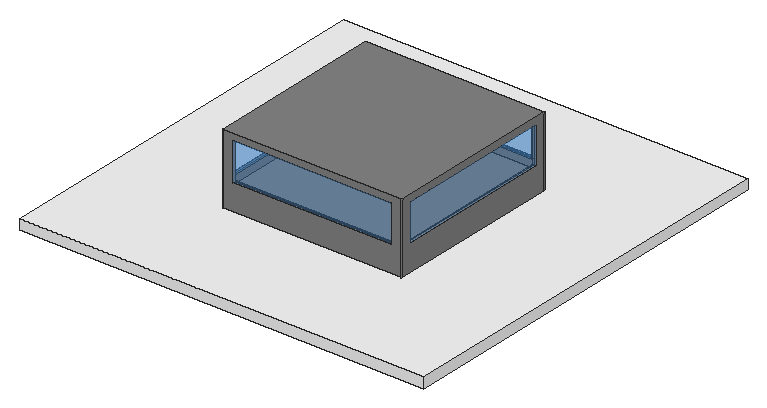
Revit family "BE_24086_de_DE", category Leuchten, Revit 2020
Family settings
  Basisbauteil = Fläche
  Bemaßung runder Anschluss = Durchmesser verwenden
  Teiletyp = Normal
  Beim Laden mit Abzugskörper schneiden = Ja
  Lichtquelle = Ja
  Gemeinsam genutzt = Nein
  Raumberechnungspunkt = Ja
Parameters (values of type "BEGA_24086_Grafit_K3")
  built-in parameter 1150104 = 13.555 (stored number, unit not read)
  Wattage = 17 W
  Default Elevation = 0 mm
  built-in parameter 1150113 = 1 (stored number, unit not read)
  built-in parameter 1114218 = 1 (stored number, unit not read)
  Umgebungstemperatur = "25 °C"
  URL = "https://www.bega.com/de/produkt/24086"
  Typenkommentare = "© 2022 BEGA. Wir behalten uns das Recht vor, technische Änderungen ohne vorherige Ankündigung vorzunehmen."  # constant formula
  Type Image = 24086.png
  built-in parameter 1150134 = (empty or 0)
  built-in parameter 1150109 = 1 (stored number, unit not read)
  Strom = ""
  built-in parameter 1150110 = 1 (stored number, unit not read)
  Spannung = 239.996 V
  Sonderanfertigung = no
  Seriennummer [instance] = "Hier können Sie die eindeutige Seriennummer für das Facility Management eintragen."
  Schutzklasse = "I"
  Schutzart = "IP 65"
  Scheinlast = 0 VA
  Produktdatenblatt = "https://cdn.bega.com/bega/products/24086WK4/current/documents/data-sheets/de"
  Oberflächentemperatur = ""
  Neigungswinkel = 0.00°
  Modell = "24086K3"
  Material_17 = BEGA_Reflektor
  Material_15 = BEGA_Leuchtmedium_matt
  Material_11 = BEGA_Glas_opal
  Material_10 = BEGA_Glas_matt
  Material_09 = BEGA_Glas_klar
  Material_06 = BEGA_Oberfläche_Edelstahl_gebürstet
  Material_03 = BEGA_Oberfläche_Weiss_matt
  Material_02 = BEGA_Oberfläche_Silber_matt
  Material_01 [instance] = BEGA_Oberfläche_Grafit_matt
  M_W = no
  M_G = yes
  M_A = no
  Logo = 0
  built-in parameter 1114217 = 1 (stored number, unit not read)
  built-in parameter 1150139 = (empty or 0)
  built-in parameter 1150105 = 197.38 (stored number, unit not read)
  built-in parameter 1150114 = 1 (stored number, unit not read)
  Lumens = 2480.3 lm
  built-in parameter 1150115 = 1 (stored number, unit not read)
  Leuchtenlichtstrom = "714 lm"
  Leuchtenanzahl = ""
  Lebensdauerkriterien = "L70B50 @ 25 °C = 200000 h"
  Lastklassifizierung = Beleuchtung
  built-in parameter 1150112 = 1 (stored number, unit not read)
  Lampenlichtstrom = "2480 lm"
  Lampe = "LED 17 W"
  LED_Modulbezeichnung = "LED-0886/830 + 3x LED-0887/830"
  built-in parameter 1150142 = (empty or 0)
  Hersteller = "BEGA"  # constant formula
  Halbstreuwinkel = ""
  Gewicht = "1.9 kg"
  Gebrauchslageneinschränkung [instance] = ""
  Frequenz = "0/50-60 Hz"
  Farbwiedergabeindex = "CRI > 80"
  Farbtemperaturverschiebung bei Dämpfen der Lampe = <Keine Auswahl>
  Farbtemperatur = "3000 K"
  Color Filter = 16777215
  built-in parameter 1150133 = 10 (stored number, unit not read)
  Energieeffizienzklasse = "LED A++ - A"
  built-in parameter 1150137 = (empty or 0)
  built-in parameter 1150132 = (empty or 0)
  ENEC = "ja"
  Dimmbar [instance] = "DALI"
  Datei für fotometrisches Netz = "BE_24086K3.IES"
  CE_Konformität = "ja"
  Bestellnummer = "24086K3"
  Beschreibung_Sonderanfertigung = "Hier können Sie Informationen zur Sonderanfertigung eintragen."
  Beschreibung = "Wandleuchte"
  built-in parameter 1150106 = 1.9738 (stored number, unit not read)
  Befestigungsbohrung = "Ø 4,5 mm"
  Befestigungsabstand = "86 x 86 mm"
  Ballwurfsicher = ""
  BEGA_Intern_aus = yes
  BEGA_Intern_an = yes
  BEGA_Intern_Konstruktion = yes
  BEGA_Intern = yes
  BEGA_IES = yes
  BEGA_Dummy = no
  Anschlussleitung = ""
  Anschlussleistung [instance] = "19.5 W"
  built-in parameter 1150107 = 3000 (stored number, unit not read)
  built-in parameter 1150102 = (empty or 0)
  built-in parameter 1150138 = (empty or 0)
  Aktualisierung = "2022-05-18T04:00:07"
  Abstand_zur_angestrahlten_Fläche [instance] = ""
  AC/DC = "AC/DC"
Types (6, lengths in mm): name | built-in parameter 1150104 | built-in parameter 1150134 | Modell | M_W | M_G | M_A | built-in parameter 1150105 | Lumens | Leuchtenlichtstrom | Lampenlichtstrom | LED_Modulbezeichnung | Farbtemperatur | Datei für fotometrisches Netz | Bestellnummer | built-in parameter 1150106 | built-in parameter 1150107
  BEGA_24086_Weiß_K4 | 14.4 (stored number, unit not read) | 12 | "24086WK4" | yes | no | no | 209.69 (stored number, unit not read) | 2635 lm | "759 lm" | "2635 lm" | "LED-0886/840 + 3x LED-0887/840" | "4000 K" | "BE_24086K4.IES" | "24086WK4" | 2.0969 (stored number, unit not read) | 4000 (stored number, unit not read)
  BEGA_24086_Weiß_K3 | 13.555 (stored number, unit not read) | (empty or 0) | "24086WK3" | yes | no | no | 197.38 (stored number, unit not read) | 2480.3 lm | "714 lm" | "2480 lm" | "LED-0886/830 + 3x LED-0887/830" | "3000 K" | "BE_24086K3.IES" | "24086WK3" | 1.9738 (stored number, unit not read) | 3000 (stored number, unit not read)
  BEGA_24086_Grafit_K4 | 14.4 (stored number, unit not read) | 12 | "24086K4" | no | yes | no | 209.69 (stored number, unit not read) | 2635 lm | "759 lm" | "2635 lm" | "LED-0886/840 + 3x LED-0887/840" | "4000 K" | "BE_24086K4.IES" | "24086K4" | 2.0969 (stored number, unit not read) | 4000 (stored number, unit not read)
  BEGA_24086_Silber_K4 | 14.4 (stored number, unit not read) | 12 | "24086AK4" | no | no | yes | 209.69 (stored number, unit not read) | 2635 lm | "759 lm" | "2635 lm" | "LED-0886/840 + 3x LED-0887/840" | "4000 K" | "BE_24086K4.IES" | "24086AK4" | 2.0969 (stored number, unit not read) | 4000 (stored number, unit not read)
  BEGA_24086_Silber_K3 | 13.555 (stored number, unit not read) | (empty or 0) | "24086AK3" | no | no | yes | 197.38 (stored number, unit not read) | 2480.3 lm | "714 lm" | "2480 lm" | "LED-0886/830 + 3x LED-0887/830" | "3000 K" | "BE_24086K3.IES" | "24086AK3" | 1.9738 (stored number, unit not read) | 3000 (stored number, unit not read)
  BEGA_24086_Grafit_K3 | 13.555 (stored number, unit not read) | (empty or 0) | "24086K3" | no | yes | no | 197.38 (stored number, unit not read) | 2480.3 lm | "714 lm" | "2480 lm" | "LED-0886/830 + 3x LED-0887/830" | "3000 K" | "BE_24086K3.IES" | "24086K3" | 1.9738 (stored number, unit not read) | 3000 (stored number, unit not read)
Reference planes
  plane 1 "Mitte (Vorne/Hinten)": y = 0
  plane 2: z = 0
  plane 3 "Mitte (Links/Rechts)": x = 0
  plane 4 "Links": x = -88.5
  plane 5 "Rechts": x = 88.5
  plane 6 "Unten": y = -88.5
  plane 7 "Oben": y = 88.5
  plane 8 "Vorne": z = 69.195
  plane 9 "Hinten": z = 0
Forms (mm)
  Extrusion 1, solid, material "BEGA_Platte_Weiss"
    sketch origin (0, -1119.2, 0) x (1, 0, 0) y (0, 1, 0)
      loop
        line (-200, 1319.2) -> (-200, 919.2) -> (200, 919.2) -> (200, 1319.2) -> (-200, 1319.2)
    from 0 to -10
  Extrusion 2, solid, material "BEGA_Dummy_matt", visible <- "BEGA_Dummy"
    sketch origin (80.095, -76.023, 0) x (1, 0, 0) y (0, 1, 0)
      loop
        line (-168.595, 164.523) -> (-168.595, -12.477) -> (8.405, -12.477) -> (8.405, 164.523) -> (-168.595, 164.523)
    from 0 to 69.195
Dimensions and locks
  plane 1 "Mitte (Vorne/Hinten)" to Extrusion 1 = 200 mm
  aligned and locked: plane 2 to Extrusion 1
  aligned and locked: level to Extrusion 1
Nested families
  nested 1: "BE_24086" at (0, 0, 0), type "BE_24086"
Connectors
  electrical at (0, 0, 0), driven by "Lastklassifizierung", driven by "Spannung", driven by "Scheinlast"
    settings: index 1, voltage 239.996 V, apparent load 0 VA, apparent load phase1 0 VA, apparent load phase2 0 VA, apparent load phase3 0 VA, power factor 1, load classification "Beleuchtung", number of poles 1, system type 31, power factor state 1, is connector primary yes, connector utility no, sub classification motor no, connector description ""
Definition of nested family "BE_24086"
  Parameters (values of type "BE_24086")
    Default Elevation = 1 mm
    URL = "http://www.bega.de/de/produkt"
    Type Comments = "© 2015 BEGA. Wir behalten uns das Recht vor, technische Änderungen ohne vorherige Ankündigung vorzunehmen. "  # constant formula
    Type Image = (empty or 0)
    Neigungswinkel_um_Z2 = 0.00°
    Neigungswinkel_um_Z1 = 0.00°
    Neigungswinkel_um_Y2 = 0.00°
    Neigungswinkel_um_Y1 = 0.00°
    Neigungswinkel_um_X2 = 0.00°
    Neigungswinkel_um_X1 = 0.00°
    Material_17 = none
    Material_15 = none
    Material_11 = none
    Material_10 = none
    Material_09 = none
    Material_06 = none
    Material_03 = none
    Material_02 = none
    Material_01 = none
    M_W = yes
    M_G = yes
    M_A = yes
    Länge_Platte = 200 mm  # constant formula
    Höhe_Platte = -10 mm  # constant formula
    Manufacturer = "BEGA"  # constant formula
    Drehwinkel_um_Z2 = 0.00°
    Drehwinkel_um_Z1 = 0.00°
    Breite_Platte = 200 mm  # constant formula
  Reference planes
    plane 1 "Mitte (Oben/Unten)": y = 0
    plane 2: z = 0
    plane 3 "Mitte (Links/Rechts)": x = 0
    plane 4 "Vorne": z = 69.195
    plane 5 "Hinten": z = 0
    plane 6 "Links": x = -88.5
    plane 7 "Rechts": x = 88.5
    plane 8 "Oben": y = 88.5
    plane 9 "Unten": y = -88.5
  Forms (mm)
    Extrusion 1, solid, detail levels medium
      sketch origin (0, 0, 0) x (1, 0, 0) y (0, 1, 0)
        loop
          line (-100, 100) -> (-100, -100) -> (100, -100) -> (100, 100) -> (-100, 100)
      from 0 to -10 <- "Höhe_Platte"
    Extrusion 2, solid, material <- "Material_01", visible <- "M_G"
      sketch origin (0, 0, 0) x (1, 0, 0) y (0, 1, 0)
        loop
          arc (-87.5, 88.5) -> (-88.207, 88.207) -> (-88.5, 87.5) r 1
          line (-88.5, 87.5) -> (-88.5, -87.5)
          arc (-88.5, -87.5) -> (-88.207, -88.207) -> (-87.5, -88.5) r 1
          line (-87.5, -88.5) -> (87.5, -88.5)
          arc (87.5, -88.5) -> (88.207, -88.207) -> (88.5, -87.5) r 1
          line (88.5, -87.5) -> (88.5, 87.5)
          arc (88.5, 87.5) -> (88.207, 88.207) -> (87.5, 88.5) r 1
          line (87.5, 88.5) -> (-87.5, 88.5)
        loop
          line (-86.109, 86.109) -> (-86.109, -86.109) -> (86.109, -86.109) -> (86.109, 86.109) -> (-86.109, 86.109)
      from 0 to 69.195
    Extrusion 3, void
      sketch origin (0, 0, 0) x (0, 1, 0) y (0, 0, 1)
        loop
          line (-84.297, 63.248) -> (-88.996, 63.248) -> (-88.996, 25.444) -> (-84.235, 25.444) -> (-84.297, 63.248)
      from -78.703 to 78.703
    Extrusion 4, solid, material <- "Material_01", visible <- "M_G"
      sketch origin (0, 0, 0) x (1, 0, 0) y (0, 1, 0)
        loop
          line (-87.5, -88.5) -> (87.5, -88.5)
          arc (87.5, -88.5) -> (88.207, -88.207) -> (88.5, -87.5) r 1
          line (88.5, -87.5) -> (88.5, 87.5)
          arc (88.5, 87.5) -> (88.207, 88.207) -> (87.5, 88.5) r 1
          line (87.5, 88.5) -> (-87.5, 88.5)
          arc (-87.5, 88.5) -> (-88.207, 88.207) -> (-88.5, 87.5) r 1
          line (-88.5, 87.5) -> (-88.5, -87.5)
          arc (-88.5, -87.5) -> (-88.207, -88.207) -> (-87.5, -88.5) r 1
      from 66.335 to 69.195
    Extrusion 5, void
      sketch origin (0, 0, 0) x (1, 0, 0) y (0, 0, -1)
        loop
          line (-84.297, -63.248) -> (-84.235, -25.444) -> (-88.996, -25.444) -> (-88.996, -63.248) -> (-84.297, -63.248)
      from -78.703 to 78.703
    Extrusion 6, void
      sketch origin (0, 0, 0) x (0, -1, 0) y (0, 0, -1)
        loop
          line (-84.297, -63.248) -> (-84.235, -25.444) -> (-88.996, -25.444) -> (-88.996, -63.248) -> (-84.297, -63.248)
      from -78.703 to 78.703
    Extrusion 7, void
      sketch origin (0, 0, 0) x (-1, 0, 0) y (0, 0, 1)
        loop
          line (-84.297, 63.248) -> (-88.996, 63.248) -> (-88.996, 25.444) -> (-84.235, 25.444) -> (-84.297, 63.248)
      from -78.703 to 78.703
    Extrusion 8, solid, material <- "Material_10"
      sketch origin (0, 0, 0) x (-1, 0, 0) y (0, 0, 1)
        loop
          line (-84.394, 63.255) -> (-88.404, 63.249) -> (-88.341, 25.444) -> (-84.331, 25.451) -> (-84.394, 63.255)
      from -78.703 to 78.703
    Extrusion 9, solid, material <- "Material_10"
      sketch origin (0, 0, 0) x (0, -1, 0) y (0, 0, -1)
        loop
          line (-84.394, -63.255) -> (-84.331, -25.451) -> (-88.341, -25.444) -> (-88.404, -63.249) -> (-84.394, -63.255)
      from -78.703 to 78.703
    Extrusion 10, solid, material <- "Material_10"
      sketch origin (0, 0, 0) x (1, 0, 0) y (0, 0, -1)
        loop
          line (-84.394, -63.255) -> (-84.331, -25.451) -> (-88.341, -25.444) -> (-88.404, -63.249) -> (-84.394, -63.255)
      from -78.703 to 78.703
    Extrusion 11, solid, material <- "Material_10"
      sketch origin (0, 0, 0) x (0, 1, 0) y (0, 0, 1)
        loop
          line (-84.394, 63.255) -> (-88.404, 63.249) -> (-88.341, 25.444) -> (-84.331, 25.451) -> (-84.394, 63.255)
      from -78.703 to 78.703
    Revolve 12, solid, material <- "Material_01", visible <- "M_G"
      sketch origin (0, 0, 0) x (0, 1, 0) y (0, 0, 1)
        loop
          line (-48.009, 11.916) -> (0, 11.995) -> (0, 14.695) -> (-55.513, 14.603) -> (-55.324, 10.381) -> (-51.019, 2.954) -> (-50.905, 0) -> (-48.405, 0) -> (-48.009, 11.916)
        axis (0, 0) -> (0, 14.695)
      angle from 0 to 360
    Extrusion 13, solid, material <- "Material_01", visible <- "M_G"
      sketch origin (0, 0, 0) x (1, 0, 0) y (0, 1, 0)
        loop
          line (86.109, 86.109) -> (-86.109, 86.109) -> (-86.109, -86.109) -> (86.109, -86.109) -> (86.109, 86.109)
      from 11.916 to 17.229
    Extrusion 14, void
      sketch origin (0, 0, 0) x (1, 0, 0) y (0, 1, 0)
        loop
          circle (-28, 15) r 10.5
        loop
          circle (-28, -15) r 10.5
      from 0 to 25.444
    Extrusion 15, solid, material <- "Material_02", visible <- "M_A"
      sketch origin (0, 0, 0) x (1, 0, 0) y (0, 1, 0)
        loop
          arc (-87.5, 88.5) -> (-88.207, 88.207) -> (-88.5, 87.5) r 1
          line (-88.5, 87.5) -> (-88.5, -87.5)
          arc (-88.5, -87.5) -> (-88.207, -88.207) -> (-87.5, -88.5) r 1
          line (-87.5, -88.5) -> (87.5, -88.5)
          arc (87.5, -88.5) -> (88.207, -88.207) -> (88.5, -87.5) r 1
          line (88.5, -87.5) -> (88.5, 87.5)
          arc (88.5, 87.5) -> (88.207, 88.207) -> (87.5, 88.5) r 1
          line (87.5, 88.5) -> (-87.5, 88.5)
        loop
          line (-86.109, 86.109) -> (-86.109, -86.109) -> (86.109, -86.109) -> (86.109, 86.109) -> (-86.109, 86.109)
      from 0 to 69.195
    Extrusion 16, solid, material <- "Material_02", visible <- "M_A"
      sketch origin (0, 0, 0) x (1, 0, 0) y (0, 1, 0)
        loop
          line (-87.5, -88.5) -> (87.5, -88.5)
          arc (87.5, -88.5) -> (88.207, -88.207) -> (88.5, -87.5) r 1
          line (88.5, -87.5) -> (88.5, 87.5)
          arc (88.5, 87.5) -> (88.207, 88.207) -> (87.5, 88.5) r 1
          line (87.5, 88.5) -> (-87.5, 88.5)
          arc (-87.5, 88.5) -> (-88.207, 88.207) -> (-88.5, 87.5) r 1
          line (-88.5, 87.5) -> (-88.5, -87.5)
          arc (-88.5, -87.5) -> (-88.207, -88.207) -> (-87.5, -88.5) r 1
      from 66.335 to 69.195
    Extrusion 17, solid, material <- "Material_03", visible <- "M_W"
      sketch origin (0, 0, 0) x (1, 0, 0) y (0, 1, 0)
        loop
          arc (-87.5, 88.5) -> (-88.207, 88.207) -> (-88.5, 87.5) r 1
          line (-88.5, 87.5) -> (-88.5, -87.5)
          arc (-88.5, -87.5) -> (-88.207, -88.207) -> (-87.5, -88.5) r 1
          line (-87.5, -88.5) -> (87.5, -88.5)
          arc (87.5, -88.5) -> (88.207, -88.207) -> (88.5, -87.5) r 1
          line (88.5, -87.5) -> (88.5, 87.5)
          arc (88.5, 87.5) -> (88.207, 88.207) -> (87.5, 88.5) r 1
          line (87.5, 88.5) -> (-87.5, 88.5)
        loop
          line (-86.109, 86.109) -> (-86.109, -86.109) -> (86.109, -86.109) -> (86.109, 86.109) -> (-86.109, 86.109)
      from 0 to 69.195
    Extrusion 18, solid, material <- "Material_03", visible <- "M_W"
      sketch origin (0, 0, 0) x (1, 0, 0) y (0, 1, 0)
        loop
          line (-87.5, -88.5) -> (87.5, -88.5)
          arc (87.5, -88.5) -> (88.207, -88.207) -> (88.5, -87.5) r 1
          line (88.5, -87.5) -> (88.5, 87.5)
          arc (88.5, 87.5) -> (88.207, 88.207) -> (87.5, 88.5) r 1
          line (87.5, 88.5) -> (-87.5, 88.5)
          arc (-87.5, 88.5) -> (-88.207, 88.207) -> (-88.5, 87.5) r 1
          line (-88.5, 87.5) -> (-88.5, -87.5)
          arc (-88.5, -87.5) -> (-88.207, -88.207) -> (-87.5, -88.5) r 1
      from 66.335 to 69.195
    Revolve 19, solid, material <- "Material_02", visible <- "M_A"
      sketch origin (0, 0, 0) x (0, 1, 0) y (0, 0, 1)
        loop
          line (-48.009, 11.916) -> (0, 11.995) -> (0, 14.695) -> (-55.513, 14.603) -> (-55.324, 10.381) -> (-51.019, 2.954) -> (-50.905, 0) -> (-48.405, 0) -> (-48.009, 11.916)
        axis (0, 0) -> (0, 14.695)
      angle from 0 to 360
    Extrusion 20, solid, material <- "Material_02", visible <- "M_A"
      sketch origin (0, 0, 0) x (1, 0, 0) y (0, 1, 0)
        loop
          line (86.109, 86.109) -> (-86.109, 86.109) -> (-86.109, -86.109) -> (86.109, -86.109) -> (86.109, 86.109)
      from 11.916 to 17.229
    Revolve 21, solid, material <- "Material_03", visible <- "M_W"
      sketch origin (0, 0, 0) x (0, 1, 0) y (0, 0, 1)
        loop
          line (-48.009, 11.916) -> (0, 11.995) -> (0, 14.695) -> (-55.513, 14.603) -> (-55.324, 10.381) -> (-51.019, 2.954) -> (-50.905, 0) -> (-48.405, 0) -> (-48.009, 11.916)
        axis (0, 0) -> (0, 14.695)
      angle from 0 to 360
    Extrusion 22, solid, material <- "Material_03", visible <- "M_W"
      sketch origin (0, 0, 0) x (1, 0, 0) y (0, 1, 0)
        loop
          line (86.109, 86.109) -> (-86.109, 86.109) -> (-86.109, -86.109) -> (86.109, -86.109) -> (86.109, 86.109)
      from 11.916 to 17.229
    Extrusion 23, solid, material <- "Material_01", visible <- "M_G"
      sketch origin (0, 0, 0) x (1, 0, 0) y (0, 1, 0)
        loop
          line (-50.85, 42.239) -> (-41.482, 28.859)
          arc (-41.482, 28.859) -> (-35.623, 35.658) -> (-28.702, 41.371) r 52.999
          line (-28.702, 41.371) -> (-42.239, 50.85)
          arc (-42.239, 50.85) -> (-46.743, 46.743) -> (-50.85, 42.239) r 66.105
        loop
          arc (-46.349, 43.038) -> (-46.223, 39.862) -> (-43.047, 39.982) r 2.25
          arc (-43.047, 39.982) -> (-41.543, 41.543) -> (-39.982, 43.047) r 58.75
          arc (-39.982, 43.047) -> (-39.862, 46.223) -> (-43.039, 46.349) r 2.25
          arc (-43.039, 46.349) -> (-44.725, 44.724) -> (-46.349, 43.038) r 63.25
        loop
          arc (50.85, 42.239) -> (46.743, 46.743) -> (42.239, 50.85) r 66.105
          line (42.239, 50.85) -> (28.515, 41.241)
          arc (28.515, 41.241) -> (35.402, 35.387) -> (41.195, 28.449) r 52.999
          line (41.195, 28.449) -> (50.85, 42.239)
        loop
          arc (46.349, 43.038) -> (44.725, 44.724) -> (43.039, 46.349) r 63.25
          arc (43.039, 46.349) -> (39.862, 46.223) -> (39.982, 43.047) r 2.25
          arc (39.982, 43.047) -> (41.543, 41.543) -> (43.047, 39.982) r 58.75
          arc (43.047, 39.982) -> (46.223, 39.862) -> (46.349, 43.038) r 2.25
        loop
          arc (-50.85, -42.239) -> (-46.743, -46.743) -> (-42.239, -50.85) r 66.105
          line (-42.239, -50.85) -> (-28.224, -41.037)
          arc (-28.224, -41.037) -> (-35.218, -35.245) -> (-41.121, -28.344) r 52.999
          line (-41.121, -28.344) -> (-50.85, -42.239)
        loop
          arc (-46.349, -43.038) -> (-44.725, -44.724) -> (-43.039, -46.349) r 63.25
          arc (-43.039, -46.349) -> (-39.862, -46.223) -> (-39.982, -43.047) r 2.25
          arc (-39.982, -43.047) -> (-41.543, -41.543) -> (-43.047, -39.982) r 58.75
          arc (-43.047, -39.982) -> (-46.223, -39.862) -> (-46.349, -43.038) r 2.25
        loop
          line (50.85, -42.239) -> (41.214, -28.477)
          arc (41.214, -28.477) -> (35.373, -35.38) -> (28.443, -41.19) r 52.999
          line (28.443, -41.19) -> (42.239, -50.85)
          arc (42.239, -50.85) -> (46.743, -46.743) -> (50.85, -42.239) r 66.105
        loop
          arc (46.349, -43.038) -> (46.223, -39.862) -> (43.047, -39.982) r 2.25
          arc (43.047, -39.982) -> (41.543, -41.543) -> (39.982, -43.047) r 58.75
          arc (39.982, -43.047) -> (39.862, -46.223) -> (43.039, -46.349) r 2.25
          arc (43.039, -46.349) -> (44.725, -44.724) -> (46.349, -43.038) r 63.25
      from 0 to 2.954
    Extrusion 24, solid, material <- "Material_03", visible <- "M_W"
      sketch origin (0, 0, 0) x (1, 0, 0) y (0, 1, 0)
        loop
          line (-50.85, 42.239) -> (-41.482, 28.859)
          arc (-41.482, 28.859) -> (-35.623, 35.658) -> (-28.702, 41.371) r 52.999
          line (-28.702, 41.371) -> (-42.239, 50.85)
          arc (-42.239, 50.85) -> (-46.743, 46.743) -> (-50.85, 42.239) r 66.105
        loop
          arc (-46.349, 43.038) -> (-46.223, 39.862) -> (-43.047, 39.982) r 2.25
          arc (-43.047, 39.982) -> (-41.543, 41.543) -> (-39.982, 43.047) r 58.75
          arc (-39.982, 43.047) -> (-39.862, 46.223) -> (-43.039, 46.349) r 2.25
          arc (-43.039, 46.349) -> (-44.725, 44.724) -> (-46.349, 43.038) r 63.25
        loop
          arc (50.85, 42.239) -> (46.743, 46.743) -> (42.239, 50.85) r 66.105
          line (42.239, 50.85) -> (28.515, 41.241)
          arc (28.515, 41.241) -> (35.402, 35.387) -> (41.195, 28.449) r 52.999
          line (41.195, 28.449) -> (50.85, 42.239)
        loop
          arc (46.349, 43.038) -> (44.725, 44.724) -> (43.039, 46.349) r 63.25
          arc (43.039, 46.349) -> (39.862, 46.223) -> (39.982, 43.047) r 2.25
          arc (39.982, 43.047) -> (41.543, 41.543) -> (43.047, 39.982) r 58.75
          arc (43.047, 39.982) -> (46.223, 39.862) -> (46.349, 43.038) r 2.25
        loop
          arc (-50.85, -42.239) -> (-46.743, -46.743) -> (-42.239, -50.85) r 66.105
          line (-42.239, -50.85) -> (-28.224, -41.037)
          arc (-28.224, -41.037) -> (-35.218, -35.245) -> (-41.121, -28.344) r 52.999
          line (-41.121, -28.344) -> (-50.85, -42.239)
        loop
          arc (-46.349, -43.038) -> (-44.725, -44.724) -> (-43.039, -46.349) r 63.25
          arc (-43.039, -46.349) -> (-39.862, -46.223) -> (-39.982, -43.047) r 2.25
          arc (-39.982, -43.047) -> (-41.543, -41.543) -> (-43.047, -39.982) r 58.75
          arc (-43.047, -39.982) -> (-46.223, -39.862) -> (-46.349, -43.038) r 2.25
        loop
          line (50.85, -42.239) -> (41.214, -28.477)
          arc (41.214, -28.477) -> (35.373, -35.38) -> (28.443, -41.19) r 52.999
          line (28.443, -41.19) -> (42.239, -50.85)
          arc (42.239, -50.85) -> (46.743, -46.743) -> (50.85, -42.239) r 66.105
        loop
          arc (46.349, -43.038) -> (46.223, -39.862) -> (43.047, -39.982) r 2.25
          arc (43.047, -39.982) -> (41.543, -41.543) -> (39.982, -43.047) r 58.75
          arc (39.982, -43.047) -> (39.862, -46.223) -> (43.039, -46.349) r 2.25
          arc (43.039, -46.349) -> (44.725, -44.724) -> (46.349, -43.038) r 63.25
      from 0 to 2.954
    Extrusion 25, solid, material <- "Material_02", visible <- "M_A"
      sketch origin (0, 0, 0) x (1, 0, 0) y (0, 1, 0)
        loop
          line (-50.85, 42.239) -> (-41.482, 28.859)
          arc (-41.482, 28.859) -> (-35.623, 35.658) -> (-28.702, 41.371) r 52.999
          line (-28.702, 41.371) -> (-42.239, 50.85)
          arc (-42.239, 50.85) -> (-46.743, 46.743) -> (-50.85, 42.239) r 66.105
        loop
          arc (-46.349, 43.038) -> (-46.223, 39.862) -> (-43.047, 39.982) r 2.25
          arc (-43.047, 39.982) -> (-41.543, 41.543) -> (-39.982, 43.047) r 58.75
          arc (-39.982, 43.047) -> (-39.862, 46.223) -> (-43.039, 46.349) r 2.25
          arc (-43.039, 46.349) -> (-44.725, 44.724) -> (-46.349, 43.038) r 63.25
        loop
          arc (50.85, 42.239) -> (46.743, 46.743) -> (42.239, 50.85) r 66.105
          line (42.239, 50.85) -> (28.515, 41.241)
          arc (28.515, 41.241) -> (35.402, 35.387) -> (41.195, 28.449) r 52.999
          line (41.195, 28.449) -> (50.85, 42.239)
        loop
          arc (46.349, 43.038) -> (44.725, 44.724) -> (43.039, 46.349) r 63.25
          arc (43.039, 46.349) -> (39.862, 46.223) -> (39.982, 43.047) r 2.25
          arc (39.982, 43.047) -> (41.543, 41.543) -> (43.047, 39.982) r 58.75
          arc (43.047, 39.982) -> (46.223, 39.862) -> (46.349, 43.038) r 2.25
        loop
          arc (-50.85, -42.239) -> (-46.743, -46.743) -> (-42.239, -50.85) r 66.105
          line (-42.239, -50.85) -> (-28.224, -41.037)
          arc (-28.224, -41.037) -> (-35.218, -35.245) -> (-41.121, -28.344) r 52.999
          line (-41.121, -28.344) -> (-50.85, -42.239)
        loop
          arc (-46.349, -43.038) -> (-44.725, -44.724) -> (-43.039, -46.349) r 63.25
          arc (-43.039, -46.349) -> (-39.862, -46.223) -> (-39.982, -43.047) r 2.25
          arc (-39.982, -43.047) -> (-41.543, -41.543) -> (-43.047, -39.982) r 58.75
          arc (-43.047, -39.982) -> (-46.223, -39.862) -> (-46.349, -43.038) r 2.25
        loop
          line (50.85, -42.239) -> (41.214, -28.477)
          arc (41.214, -28.477) -> (35.373, -35.38) -> (28.443, -41.19) r 52.999
          line (28.443, -41.19) -> (42.239, -50.85)
          arc (42.239, -50.85) -> (46.743, -46.743) -> (50.85, -42.239) r 66.105
        loop
          arc (46.349, -43.038) -> (46.223, -39.862) -> (43.047, -39.982) r 2.25
          arc (43.047, -39.982) -> (41.543, -41.543) -> (39.982, -43.047) r 58.75
          arc (39.982, -43.047) -> (39.862, -46.223) -> (43.039, -46.349) r 2.25
          arc (43.039, -46.349) -> (44.725, -44.724) -> (46.349, -43.038) r 63.25
      from 0 to 2.954
  Cuts and joins
    Extrusion 3, Extrusion 5, Extrusion 6, Extrusion 7, Extrusion 14 cuts Extrusion 2
    Extrusion 5, Extrusion 6, Extrusion 7, Extrusion 14 cuts Extrusion 4
    joined: Extrusion 2, Extrusion 4
    Extrusion 14 cuts Revolve 12
    Extrusion 14 cuts Extrusion 13
    joined: Revolve 12, Extrusion 13, Extrusion 23
    Extrusion 3, Extrusion 5, Extrusion 6, Extrusion 7 cuts Extrusion 15
    joined: Extrusion 15, Extrusion 16
    Extrusion 3, Extrusion 5, Extrusion 6, Extrusion 7 cuts Extrusion 17
    Extrusion 5 cuts Extrusion 18
    joined: Extrusion 17, Extrusion 18
    Extrusion 14 cuts Revolve 19
    Extrusion 14 cuts Extrusion 20
    joined: Revolve 19, Extrusion 20, Extrusion 25
    Extrusion 14 cuts Revolve 21
    Extrusion 14 cuts Extrusion 22
    joined: Revolve 21, Extrusion 22, Extrusion 24
  Dimensions and locks
    equal spacing: Extrusion 1 sketch curve, plane 3 "Mitte (Links/Rechts)", Extrusion 1 sketch curve
    equal spacing: Extrusion 1 sketch curve, plane 1 "Mitte (Oben/Unten)", Extrusion 1 sketch curve
    "Länge_Platte": Extrusion 1 sketch curve to Extrusion 1 sketch curve
    "Breite_Platte": Extrusion 1 sketch curve to Extrusion 1 sketch curve
    aligned and locked: Extrusion 1 to plane 2
    aligned and locked: level to Extrusion 1
  Automatic sketch dimensions
    Extrusion 2 sketch curve to plane 3 "Mitte (Links/Rechts)" = 88.5 mm
    Extrusion 2 sketch curve to Extrusion 2 sketch curve = 1 mm  (x3)
    Extrusion 2 sketch curve to Extrusion 2 sketch curve = 1.391 mm  (x5)
    plane 3 "Mitte (Links/Rechts)" to Extrusion 2 sketch curve = 86.109 mm
    plane 1 "Mitte (Oben/Unten)" to Extrusion 2 sketch curve = 88.5 mm
    Extrusion 2 sketch curve to plane 1 "Mitte (Oben/Unten)" = 86.109 mm
    level to Extrusion 3 sketch curve = 25.444 mm
    plane 1 "Mitte (Oben/Unten)" to Extrusion 3 sketch curve = 88.996 mm
    Extrusion 3 sketch curve to Extrusion 3 sketch curve = 4.699 mm
    Extrusion 3 sketch curve to Extrusion 3 sketch curve = 4.761 mm
    Extrusion 3 sketch curve to Extrusion 3 sketch curve = 37.805 mm
    Extrusion 4 sketch curve to plane 3 "Mitte (Links/Rechts)" = 88.5 mm
    Extrusion 4 sketch curve to Extrusion 4 sketch curve = 1 mm  (x3)
    plane 3 "Mitte (Links/Rechts)" to Extrusion 4 sketch curve = 87.5 mm  (x2)
    plane 1 "Mitte (Oben/Unten)" to Extrusion 4 sketch curve = 88.5 mm
    Extrusion 4 sketch curve to plane 1 "Mitte (Oben/Unten)" = 87.5 mm
    level to Extrusion 5 sketch curve = 25.444 mm
    Extrusion 5 sketch curve to plane 3 "Mitte (Links/Rechts)" = 88.996 mm
    Extrusion 5 sketch curve to Extrusion 5 sketch curve = 4.699 mm
    Extrusion 5 sketch curve to Extrusion 5 sketch curve = 4.761 mm
    Extrusion 5 sketch curve to Extrusion 5 sketch curve = 37.805 mm
    Extrusion 6 sketch curve to level = 25.444 mm
    plane 1 "Mitte (Oben/Unten)" to Extrusion 6 sketch curve = 88.996 mm
    Extrusion 6 sketch curve to Extrusion 6 sketch curve = 4.699 mm
    Extrusion 6 sketch curve to Extrusion 6 sketch curve = 4.761 mm
    Extrusion 6 sketch curve to Extrusion 6 sketch curve = 37.805 mm
    level to Extrusion 7 sketch curve = 25.444 mm
    plane 3 "Mitte (Links/Rechts)" to Extrusion 7 sketch curve = 88.996 mm
    Extrusion 7 sketch curve to Extrusion 7 sketch curve = 4.699 mm
    Extrusion 7 sketch curve to Extrusion 7 sketch curve = 4.761 mm
    Extrusion 7 sketch curve to Extrusion 7 sketch curve = 37.805 mm
    plane 3 "Mitte (Links/Rechts)" to Extrusion 8 sketch curve = 88.404 mm
    level to Extrusion 8 sketch curve = 25.444 mm
    Extrusion 8 sketch curve to Extrusion 8 sketch curve = 0.063 mm
    Extrusion 8 sketch curve to Extrusion 8 sketch curve = 4.01 mm
    Extrusion 8 sketch curve to Extrusion 8 sketch curve = 0.007 mm
    plane 1 "Mitte (Oben/Unten)" to Extrusion 9 sketch curve = 88.404 mm
    Extrusion 9 sketch curve to level = 25.444 mm
    Extrusion 9 sketch curve to Extrusion 9 sketch curve = 0.063 mm
    Extrusion 9 sketch curve to Extrusion 9 sketch curve = 4.01 mm
    Extrusion 9 sketch curve to Extrusion 9 sketch curve = 0.007 mm
    Extrusion 10 sketch curve to plane 3 "Mitte (Links/Rechts)" = 88.404 mm
    level to Extrusion 10 sketch curve = 25.444 mm
    Extrusion 10 sketch curve to Extrusion 10 sketch curve = 0.063 mm
    Extrusion 10 sketch curve to Extrusion 10 sketch curve = 4.01 mm
    Extrusion 10 sketch curve to Extrusion 10 sketch curve = 0.007 mm
    plane 1 "Mitte (Oben/Unten)" to Extrusion 11 sketch curve = 88.404 mm
    level to Extrusion 11 sketch curve = 25.444 mm
    Extrusion 11 sketch curve to Extrusion 11 sketch curve = 0.063 mm
    Extrusion 11 sketch curve to Extrusion 11 sketch curve = 4.01 mm
    Extrusion 11 sketch curve to Extrusion 11 sketch curve = 0.007 mm
    level to Revolve 12 sketch curve = 10.381 mm
    Revolve 12 sketch curve to Revolve 12 sketch curve = 0.19 mm
    level to Revolve 12 sketch curve = 2.954 mm
    Revolve 12 sketch curve to Revolve 12 sketch curve = 4.304 mm
    level to Revolve 12 sketch curve = 0 mm
    Revolve 12 sketch curve to Revolve 12 sketch curve = 2.614 mm
    Revolve 12 sketch curve to Revolve 12 sketch curve = 0.396 mm
    level to Revolve 12 sketch curve = 11.916 mm
    Revolve 12 sketch curve to Revolve 12 sketch curve = 0.114 mm
    Revolve 12 sketch curve to plane 1 "Mitte (Oben/Unten)" = 0 mm
    Revolve 12 sketch curve to Revolve 12 sketch curve = 48.009 mm
    level to Revolve 12 sketch curve = 11.995 mm
    Revolve 12 sketch curve to Revolve 12 sketch curve = 4.222 mm
    Revolve 12 sketch curve to Revolve 12 sketch curve = 2.7 mm
    Extrusion 13 sketch curve to plane 3 "Mitte (Links/Rechts)" = 86.109 mm
    Extrusion 13 sketch curve to plane 1 "Mitte (Oben/Unten)" = 86.109 mm
    plane 3 "Mitte (Links/Rechts)" to Extrusion 13 sketch curve = 86.109 mm
    plane 1 "Mitte (Oben/Unten)" to Extrusion 13 sketch curve = 86.109 mm
    Extrusion 14 sketch curve to plane 3 "Mitte (Links/Rechts)" = 28 mm  (x2)
    plane 1 "Mitte (Oben/Unten)" to Extrusion 14 sketch curve = 15 mm
    Extrusion 14 sketch curve to plane 1 "Mitte (Oben/Unten)" = 15 mm
    Extrusion 15 sketch curve to plane 3 "Mitte (Links/Rechts)" = 88.5 mm
    Extrusion 15 sketch curve to Extrusion 15 sketch curve = 1 mm  (x3)
    Extrusion 15 sketch curve to Extrusion 15 sketch curve = 1.391 mm  (x5)
    plane 3 "Mitte (Links/Rechts)" to Extrusion 15 sketch curve = 86.109 mm
    plane 1 "Mitte (Oben/Unten)" to Extrusion 15 sketch curve = 88.5 mm
    Extrusion 15 sketch curve to plane 1 "Mitte (Oben/Unten)" = 86.109 mm
    Extrusion 16 sketch curve to plane 3 "Mitte (Links/Rechts)" = 88.5 mm
    Extrusion 16 sketch curve to Extrusion 16 sketch curve = 1 mm  (x3)
    plane 3 "Mitte (Links/Rechts)" to Extrusion 16 sketch curve = 87.5 mm  (x2)
    plane 1 "Mitte (Oben/Unten)" to Extrusion 16 sketch curve = 88.5 mm
    Extrusion 16 sketch curve to plane 1 "Mitte (Oben/Unten)" = 87.5 mm
    Extrusion 17 sketch curve to plane 3 "Mitte (Links/Rechts)" = 88.5 mm
    Extrusion 17 sketch curve to Extrusion 17 sketch curve = 1 mm  (x3)
    Extrusion 17 sketch curve to Extrusion 17 sketch curve = 1.391 mm  (x5)
    plane 3 "Mitte (Links/Rechts)" to Extrusion 17 sketch curve = 86.109 mm
    plane 1 "Mitte (Oben/Unten)" to Extrusion 17 sketch curve = 88.5 mm
    Extrusion 17 sketch curve to plane 1 "Mitte (Oben/Unten)" = 86.109 mm
    Extrusion 18 sketch curve to plane 3 "Mitte (Links/Rechts)" = 88.5 mm
    Extrusion 18 sketch curve to Extrusion 18 sketch curve = 1 mm  (x3)
    plane 3 "Mitte (Links/Rechts)" to Extrusion 18 sketch curve = 87.5 mm  (x2)
    plane 1 "Mitte (Oben/Unten)" to Extrusion 18 sketch curve = 88.5 mm
    Extrusion 18 sketch curve to plane 1 "Mitte (Oben/Unten)" = 87.5 mm
    Revolve 19 sketch curve to level = 0 mm
    Revolve 19 sketch curve to plane 1 "Mitte (Oben/Unten)" = 0 mm  (x2)
    level to Revolve 19 sketch curve = 11.916 mm
    plane 1 "Mitte (Oben/Unten)" to Revolve 19 sketch curve = 48.009 mm
    Revolve 19 sketch curve to Revolve 19 sketch curve = 0.396 mm
    Revolve 19 sketch curve to Revolve 19 sketch curve = 2.5 mm
    level to Revolve 19 sketch curve = 2.954 mm
    Revolve 19 sketch curve to Revolve 19 sketch curve = 0.114 mm
    level to Revolve 19 sketch curve = 10.381 mm
    Revolve 19 sketch curve to Revolve 19 sketch curve = 7.315 mm
    level to Revolve 19 sketch curve = 14.603 mm
    Revolve 19 sketch curve to Revolve 19 sketch curve = 0.19 mm
    level to Revolve 19 sketch curve = 11.995 mm
    Revolve 19 sketch curve to Revolve 19 sketch curve = 2.7 mm
    Revolve 19 sketch curve to plane 5 "Hinten" = 145.232 mm
    plane 4 "Vorne" to Revolve 19 sketch curve = 165.063 mm
    Extrusion 20 sketch curve to plane 3 "Mitte (Links/Rechts)" = 86.109 mm
    plane 3 "Mitte (Links/Rechts)" to Extrusion 20 sketch curve = 86.109 mm
    plane 1 "Mitte (Oben/Unten)" to Extrusion 20 sketch curve = 86.109 mm
    Extrusion 20 sketch curve to plane 1 "Mitte (Oben/Unten)" = 86.109 mm
    Revolve 21 sketch curve to level = 0 mm
    Revolve 21 sketch curve to plane 1 "Mitte (Oben/Unten)" = 0 mm  (x2)
    level to Revolve 21 sketch curve = 11.916 mm
    plane 1 "Mitte (Oben/Unten)" to Revolve 21 sketch curve = 48.009 mm
    Revolve 21 sketch curve to Revolve 21 sketch curve = 0.396 mm
    Revolve 21 sketch curve to Revolve 21 sketch curve = 2.5 mm
    level to Revolve 21 sketch curve = 2.954 mm
    Revolve 21 sketch curve to Revolve 21 sketch curve = 0.114 mm
    level to Revolve 21 sketch curve = 10.381 mm
    Revolve 21 sketch curve to Revolve 21 sketch curve = 7.315 mm
    level to Revolve 21 sketch curve = 14.603 mm
    Revolve 21 sketch curve to Revolve 21 sketch curve = 0.19 mm
    level to Revolve 21 sketch curve = 11.995 mm
    Revolve 21 sketch curve to Revolve 21 sketch curve = 2.7 mm
    Revolve 21 sketch curve to plane 5 "Hinten" = 145.232 mm
    plane 4 "Vorne" to Revolve 21 sketch curve = 165.063 mm
    Extrusion 22 sketch curve to plane 3 "Mitte (Links/Rechts)" = 86.109 mm
    plane 3 "Mitte (Links/Rechts)" to Extrusion 22 sketch curve = 86.109 mm
    plane 1 "Mitte (Oben/Unten)" to Extrusion 22 sketch curve = 86.109 mm
    Extrusion 22 sketch curve to plane 1 "Mitte (Oben/Unten)" = 86.109 mm
    Extrusion 23 sketch curve to Extrusion 23 sketch curve = 0 mm  (x69)
    plane 1 "Mitte (Oben/Unten)" to Extrusion 23 sketch curve = 0 mm  (x3)
    Extrusion 23 sketch curve to plane 3 "Mitte (Links/Rechts)" = 0 mm  (x3)
    Extrusion 23 sketch curve to plane 1 "Mitte (Oben/Unten)" = 0 mm  (x2)
    Extrusion 23 sketch curve to plane 3 "Mitte (Links/Rechts)" = 2.018 mm
    Extrusion 23 sketch curve to plane 3 "Mitte (Links/Rechts)" = 2.238 mm
    Extrusion 23 sketch curve to plane 3 "Mitte (Links/Rechts)" = 28.224 mm
    Extrusion 23 sketch curve to plane 3 "Mitte (Links/Rechts)" = 28.702 mm
    Extrusion 23 sketch curve to Extrusion 23 sketch curve = 12.898 mm
    Extrusion 23 sketch curve to Extrusion 23 sketch curve = 12.78 mm
    Extrusion 23 sketch curve to Extrusion 23 sketch curve = 12.812 mm
    Extrusion 23 sketch curve to Extrusion 23 sketch curve = 13.29 mm
    Extrusion 23 sketch curve to Extrusion 23 sketch curve = 0.725 mm  (x8)
    Extrusion 23 sketch curve to Extrusion 23 sketch curve = 3.182 mm  (x8)
    Extrusion 23 sketch curve to Extrusion 23 sketch curve = 6.155 mm  (x4)
    plane 3 "Mitte (Links/Rechts)" to Extrusion 23 sketch curve = 0 mm
    plane 3 "Mitte (Links/Rechts)" to Extrusion 23 sketch curve = 1.455 mm
    plane 3 "Mitte (Links/Rechts)" to Extrusion 23 sketch curve = 1.956 mm
    plane 3 "Mitte (Links/Rechts)" to Extrusion 23 sketch curve = 28.443 mm
    plane 3 "Mitte (Links/Rechts)" to Extrusion 23 sketch curve = 28.515 mm
    Extrusion 23 sketch curve to Extrusion 23 sketch curve = 12.68 mm
    Extrusion 23 sketch curve to Extrusion 23 sketch curve = 12.771 mm
    Extrusion 23 sketch curve to Extrusion 23 sketch curve = 12.998 mm
    Extrusion 23 sketch curve to Extrusion 23 sketch curve = 13.071 mm
    Extrusion 23 sketch curve to plane 1 "Mitte (Oben/Unten)" = 42.239 mm
    plane 1 "Mitte (Oben/Unten)" to Extrusion 23 sketch curve = 1.924 mm
    plane 1 "Mitte (Oben/Unten)" to Extrusion 23 sketch curve = 2.212 mm
    plane 1 "Mitte (Oben/Unten)" to Extrusion 23 sketch curve = 28.344 mm
    plane 1 "Mitte (Oben/Unten)" to Extrusion 23 sketch curve = 28.477 mm
    Extrusion 23 sketch curve to Extrusion 23 sketch curve = 12.692 mm
    Extrusion 23 sketch curve to Extrusion 23 sketch curve = 12.713 mm
    Extrusion 23 sketch curve to Extrusion 23 sketch curve = 13.169 mm
    Extrusion 23 sketch curve to Extrusion 23 sketch curve = 13.036 mm
    Extrusion 23 sketch curve to Extrusion 23 sketch curve = 13.79 mm
    Extrusion 23 sketch curve to plane 1 "Mitte (Oben/Unten)" = 28.859 mm
    Extrusion 23 sketch curve to Extrusion 23 sketch curve = 12.654 mm
    Extrusion 23 sketch curve to Extrusion 23 sketch curve = 1.531 mm  (x8)
    Extrusion 23 sketch curve to Extrusion 23 sketch curve = 1.525 mm  (x4)
    Extrusion 23 sketch curve to Extrusion 23 sketch curve = 1.649 mm  (x4)
    Extrusion 23 sketch curve to Extrusion 23 sketch curve = 1.654 mm  (x4)
    Extrusion 24 sketch curve to Extrusion 24 sketch curve = 0 mm  (x69)
    plane 1 "Mitte (Oben/Unten)" to Extrusion 24 sketch curve = 0 mm  (x3)
    Extrusion 24 sketch curve to plane 3 "Mitte (Links/Rechts)" = 0 mm  (x3)
    Extrusion 24 sketch curve to plane 1 "Mitte (Oben/Unten)" = 0 mm  (x2)
    Extrusion 24 sketch curve to plane 3 "Mitte (Links/Rechts)" = 2.018 mm
    Extrusion 24 sketch curve to plane 3 "Mitte (Links/Rechts)" = 2.238 mm
    Extrusion 24 sketch curve to plane 3 "Mitte (Links/Rechts)" = 28.224 mm
    Extrusion 24 sketch curve to plane 3 "Mitte (Links/Rechts)" = 28.702 mm
    Extrusion 24 sketch curve to Extrusion 24 sketch curve = 12.898 mm
    Extrusion 24 sketch curve to Extrusion 24 sketch curve = 12.78 mm
    Extrusion 24 sketch curve to Extrusion 24 sketch curve = 12.812 mm
    Extrusion 24 sketch curve to Extrusion 24 sketch curve = 13.29 mm
    Extrusion 24 sketch curve to Extrusion 24 sketch curve = 0.725 mm  (x8)
    Extrusion 24 sketch curve to Extrusion 24 sketch curve = 3.182 mm  (x8)
    Extrusion 24 sketch curve to Extrusion 24 sketch curve = 6.155 mm  (x4)
    plane 3 "Mitte (Links/Rechts)" to Extrusion 24 sketch curve = 0 mm
    plane 3 "Mitte (Links/Rechts)" to Extrusion 24 sketch curve = 1.455 mm
    plane 3 "Mitte (Links/Rechts)" to Extrusion 24 sketch curve = 1.956 mm
    plane 3 "Mitte (Links/Rechts)" to Extrusion 24 sketch curve = 28.443 mm
    plane 3 "Mitte (Links/Rechts)" to Extrusion 24 sketch curve = 28.515 mm
    Extrusion 24 sketch curve to Extrusion 24 sketch curve = 12.68 mm
    Extrusion 24 sketch curve to Extrusion 24 sketch curve = 12.771 mm
    Extrusion 24 sketch curve to Extrusion 24 sketch curve = 12.998 mm
    Extrusion 24 sketch curve to Extrusion 24 sketch curve = 13.071 mm
    Extrusion 24 sketch curve to plane 1 "Mitte (Oben/Unten)" = 42.239 mm
    plane 1 "Mitte (Oben/Unten)" to Extrusion 24 sketch curve = 1.924 mm
    plane 1 "Mitte (Oben/Unten)" to Extrusion 24 sketch curve = 2.212 mm
    plane 1 "Mitte (Oben/Unten)" to Extrusion 24 sketch curve = 28.344 mm
    plane 1 "Mitte (Oben/Unten)" to Extrusion 24 sketch curve = 28.477 mm
    Extrusion 24 sketch curve to Extrusion 24 sketch curve = 12.692 mm
    Extrusion 24 sketch curve to Extrusion 24 sketch curve = 12.713 mm
    Extrusion 24 sketch curve to Extrusion 24 sketch curve = 13.169 mm
    Extrusion 24 sketch curve to Extrusion 24 sketch curve = 13.036 mm
    Extrusion 24 sketch curve to Extrusion 24 sketch curve = 13.79 mm
    Extrusion 24 sketch curve to plane 1 "Mitte (Oben/Unten)" = 28.859 mm
    Extrusion 24 sketch curve to Extrusion 24 sketch curve = 12.654 mm
    Extrusion 24 sketch curve to Extrusion 24 sketch curve = 1.531 mm  (x8)
    Extrusion 24 sketch curve to Extrusion 24 sketch curve = 1.525 mm  (x4)
    Extrusion 24 sketch curve to Extrusion 24 sketch curve = 1.649 mm  (x4)
    Extrusion 24 sketch curve to Extrusion 24 sketch curve = 1.654 mm  (x4)
    Extrusion 25 sketch curve to Extrusion 25 sketch curve = 0 mm  (x69)
    plane 1 "Mitte (Oben/Unten)" to Extrusion 25 sketch curve = 0 mm  (x3)
    Extrusion 25 sketch curve to plane 3 "Mitte (Links/Rechts)" = 0 mm  (x3)
    Extrusion 25 sketch curve to plane 1 "Mitte (Oben/Unten)" = 0 mm  (x2)
    Extrusion 25 sketch curve to plane 3 "Mitte (Links/Rechts)" = 2.018 mm
    Extrusion 25 sketch curve to plane 3 "Mitte (Links/Rechts)" = 2.238 mm
    Extrusion 25 sketch curve to plane 3 "Mitte (Links/Rechts)" = 28.224 mm
    Extrusion 25 sketch curve to plane 3 "Mitte (Links/Rechts)" = 28.702 mm
    Extrusion 25 sketch curve to Extrusion 25 sketch curve = 12.898 mm
    Extrusion 25 sketch curve to Extrusion 25 sketch curve = 12.78 mm
    Extrusion 25 sketch curve to Extrusion 25 sketch curve = 12.812 mm
    Extrusion 25 sketch curve to Extrusion 25 sketch curve = 13.29 mm
    Extrusion 25 sketch curve to Extrusion 25 sketch curve = 0.725 mm  (x8)
    Extrusion 25 sketch curve to Extrusion 25 sketch curve = 3.182 mm  (x8)
    Extrusion 25 sketch curve to Extrusion 25 sketch curve = 6.155 mm  (x4)
    plane 3 "Mitte (Links/Rechts)" to Extrusion 25 sketch curve = 0 mm
    plane 3 "Mitte (Links/Rechts)" to Extrusion 25 sketch curve = 1.455 mm
    plane 3 "Mitte (Links/Rechts)" to Extrusion 25 sketch curve = 1.956 mm
    plane 3 "Mitte (Links/Rechts)" to Extrusion 25 sketch curve = 28.443 mm
    plane 3 "Mitte (Links/Rechts)" to Extrusion 25 sketch curve = 28.515 mm
    Extrusion 25 sketch curve to Extrusion 25 sketch curve = 12.68 mm
    Extrusion 25 sketch curve to Extrusion 25 sketch curve = 12.771 mm
    Extrusion 25 sketch curve to Extrusion 25 sketch curve = 12.998 mm
    Extrusion 25 sketch curve to Extrusion 25 sketch curve = 13.071 mm
    Extrusion 25 sketch curve to plane 1 "Mitte (Oben/Unten)" = 42.239 mm
    plane 1 "Mitte (Oben/Unten)" to Extrusion 25 sketch curve = 1.924 mm
    plane 1 "Mitte (Oben/Unten)" to Extrusion 25 sketch curve = 2.212 mm
    plane 1 "Mitte (Oben/Unten)" to Extrusion 25 sketch curve = 28.344 mm
    plane 1 "Mitte (Oben/Unten)" to Extrusion 25 sketch curve = 28.477 mm
    Extrusion 25 sketch curve to Extrusion 25 sketch curve = 12.692 mm
    Extrusion 25 sketch curve to Extrusion 25 sketch curve = 12.713 mm
    Extrusion 25 sketch curve to Extrusion 25 sketch curve = 13.169 mm
    Extrusion 25 sketch curve to Extrusion 25 sketch curve = 13.036 mm
    Extrusion 25 sketch curve to Extrusion 25 sketch curve = 13.79 mm
    Extrusion 25 sketch curve to plane 1 "Mitte (Oben/Unten)" = 28.859 mm
    Extrusion 25 sketch curve to Extrusion 25 sketch curve = 12.654 mm
    Extrusion 25 sketch curve to Extrusion 25 sketch curve = 1.531 mm  (x8)
    Extrusion 25 sketch curve to Extrusion 25 sketch curve = 1.525 mm  (x4)
    Extrusion 25 sketch curve to Extrusion 25 sketch curve = 1.649 mm  (x4)
    Extrusion 25 sketch curve to Extrusion 25 sketch curve = 1.654 mm  (x4)
    radius of Extrusion 14 sketch curve = 10.5 mm  (x2)
